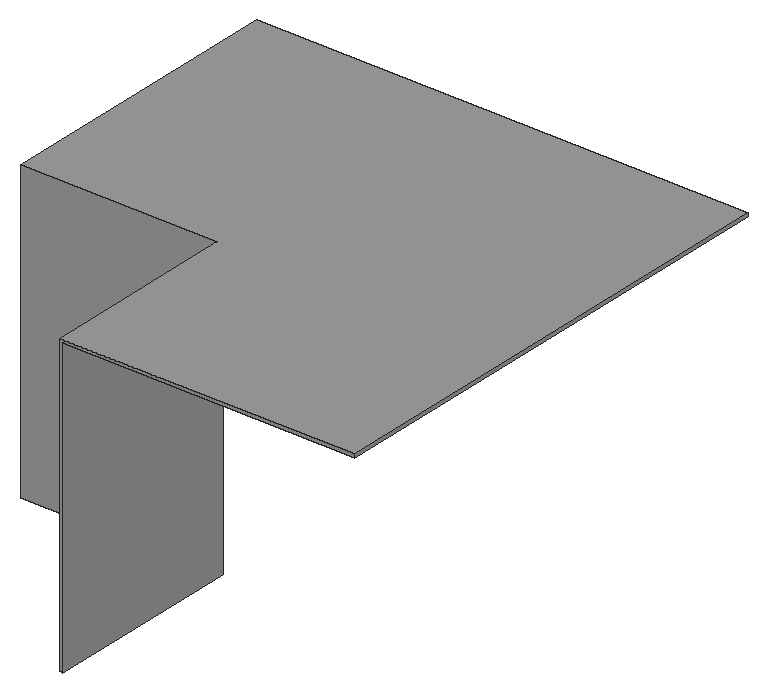
Revit family "Flashing_Preformed_Hyload_CornerCap-Int", category Generic Models, Revit 2016
Family settings
  Part Type = Normal
  Can host rebar = No
  Round Connector Dimension = Use Diameter
  OmniClass Number = 23.20.30.24.11
  OmniClass Title = Embedded Flashing
  Work Plane-Based = No
  Always vertical = Yes
  Cut with Voids When Loaded = No
  Shared = No
  Room Calculation Point = No
Parameters (values of type "As Specified")
  Unit Width = 0' - 10"
  Unit Height = 0' - 6"
  Unit Depth = 0' - 6"
  URL = "http://www.hyload.com/"
  Thickness = 0' - 0 1/16"
  Specification = "http://www.arcat.com/sdspecs/htm04/07_65_00hyl.htm"
  Sales Information = "http://www.hyload.com/contact-us"
  Revision = "R1_12-2015"
  Product Properties = "http://www.hyload.com/masonry-flashing/preformed-shapes/"
  Product Data = "http://www.arcat.com/arcatcos/cos33/arc33176.html"
  Model = "Interior Corner Cap"
  Manufacturer Website = "http://www.hyload.com/"
  Manufacturer Phone - Toll Free = "800-457-4056"
  Manufacturer Phone = "330-769-3546"
  Manufacturer Fax = "330-769-4153"
  Manufacturer Address = "5020 Panther Pkwy., Seville, OH 44273"
  Manufacturer = "Hyload"
  Keynote = "07 65 00"
  Flashing Material = Hyload Flashing Membrane - Grey
  Drawn By = "Robert S. Weygant / Sumex Design"
  Description = "Preformed Hyload Masonry Flashing - Interior Corner Cap"
  Copyright = "(c) ARCAT, Inc, 2015"
  Construction Details = "http://www.arcat.com/details/hyload/hyload.html?coid=33176"
  Assembly Code = "B3010400"
Reference planes (in)
  plane 1 "Center (Front/Back)": y = 0
  plane 2: z = 0
  plane 3 "Center (Left/Right)": x = 0
  plane 4: y = 6
  plane 5: x = 6
  plane 6: z = 6
  plane 7: y = -4
  plane 8: x = -4
Forms (in)
  Sweep 1, solid, material "Hyload Flashing Membrane - Grey" <- "Flashing Material"
    path origin (0, 0, 0) x (1, 0, 0) y (0, 1, 0)
      loop
        line (0, -4) -> (0, 0) -> (-4, 0)
    profile origin (0, -2, 0) x (-1, 0, 0) y (0, 0, 1)
      loop
        line (0, 0) -> (0, 6.0625) -> (-6, 6.0625) -> (-6, 6) -> (-0.0625, 6) -> (-0.0625, 0) -> (0, 0)
Dimensions and locks (in)
  "Unit Depth": plane 1 "Center (Front/Back)" to plane 4
  "Unit Depth": plane 3 "Center (Left/Right)" to plane 5
  "Thickness": Sweep 1 sketch curve to plane 3 "Center (Left/Right)"
  "Unit Height": plane 6 to level
  "Unit Width": plane 8 to plane 5
  "Unit Width": plane 4 to plane 7
  "Thickness": Sweep 1 sketch curve to plane 6
  aligned and locked: plane 2 to level
  aligned and locked: Sweep 1 sketch curve to plane 1 "Center (Front/Back)"
  aligned and locked: plane 3 "Center (Left/Right)" to Sweep 1 sketch curve
  aligned and locked: Sweep 1 sketch curve to level
  aligned and locked: plane 6 to Sweep 1 sketch curve
  aligned and locked: plane 8 to Sweep 1 sketch curve
  aligned and locked: plane 7 to Sweep 1 sketch curve
  aligned and locked: plane 5 to Sweep 1 sketch curve
Automatic sketch dimensions
  Sweep 1 sketch curve to profile plane = 0' - 0"
